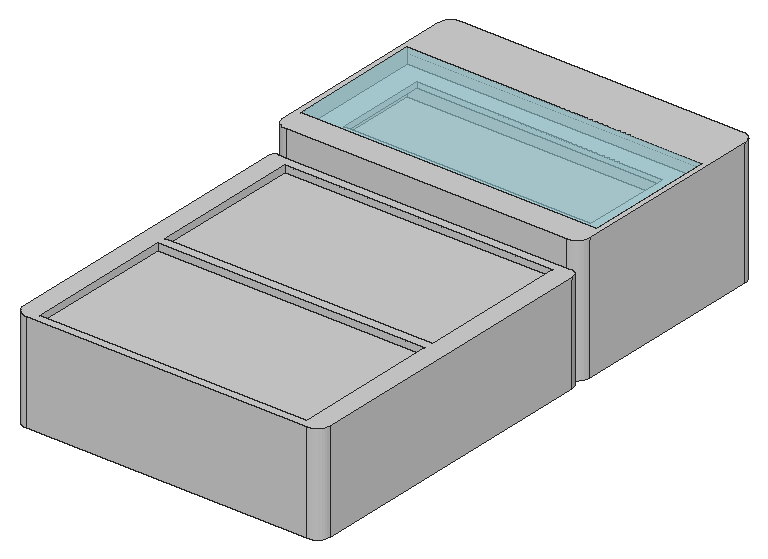
Revit family "Building-IEC309Boards-GEWISS-68QDIN-DISTRIBUTION-BOARD-10MOD_2SOCKET-OUTLETS_IB_ORIZ", category Apparecchi elettrici, host Superficie, Revit 2019
Family settings
  Host = Superficie
  Mantenere orientamento annotazione = Sì
  Quota connettore circolare = Usa diametro
  Tipo di parte = Normale
  Taglio con vuoti quando caricato = No
  Condiviso = No
  Punto di calcolo locali = Sì
Parameters (values of type "GW68019N - Q-DIN 10M 2 FLANGES S.O.BL.HOR.SBF IP65")
  visibilita posizionamento 2d [instance] = yes
  simbolo 2d [instance] = yes
  oggetto in pianta [instance] = not(visibilita posizionamento 2d)  # no
  distanza_simbolo [instance] = 0.1 mm
  bordo acceso [instance] = yes
  Working temperature = "-25 ÷ +40 °C"
  Visibilità sportello [instance] = yes
  Version type = "Empty"
  Version file RFA = "21.5"
  VETRO = Vetro
  URL = "https://www.gewiss.com/ww/en"
  Thermo-pressure with ball = "70 °C"
  Technical sheet = "https://www.gewiss.com/ww/en/search?q=GW68019N"
  Spostamento_effettivo_S [instance] = 4000 mm - Spostamento_S  # 3000 mm
  Spostamento_S = 1000 mm
  Simbolo_quadro [instance] = not(simbolo 2d)  # no
  Shock resistance = "IK08"
  STRUTTURA ALTA = Poche
  STRUTTURA = RAL - 7035
  SEO = "Board"
  Realized by GEWISS S.p.A. = ""
  Default Elevation = 1219.2 mm
  Produttore = "GEWISS S.p.A."
  PRESA = rosso
  POMELLO = bianco
  Operating temperature: = "-25 +40 °C"
  No. of provided blank lids = "1 IB 16/32A"
  No. of modules EN 50022 = "10"
  No. of blank lids supplied = "1 IB 16/32A"
  No. IB socket-outlets houseable = "2 IB Horiz. 16/32A SBF IP44 overlapping"
  N_Moduli = 10 mm
  Modello = "GW68019N"
  L_Moduli = N_Moduli * 19  # 190 mm
  Insulation class = "II"
  Installation type = "Surface-mounting"
  Immagine tipo = GW68019N.jpg
  IP degree = "IP65"
  IDT = "114d2dfb-0707-4ed9-bd87-27b65067bb37"
  IDF = "4cd11a54-188d-4bdf-afd2-27dfb55b6279"
  Houseable socket = "2 IB Horiz. 16/32A SBF IP44 overlapping"
  Houseable interloc. socket. = "2 IB Horiz. 16/32A SBF IP44 overlapping"
  Glow Wire Test = "650°C"
  For socket-outlets = "SBF horizontal"
  Electrocod = "2242"
  EAN code = "8011564744875"
  Dispersible power B (W) = "42"
  Dispersible power A (W) = "16"
  Descrizione = "Q-DIN 10M 2 FLANGES S.O.BL.HOR.SBF IP65"
  Colour = "Grey RAL 7035"
  Catalogue Range = "68 QDIN"
  Catalogue = "BUILDING"
  COBie.Tagnumber = ""
  COBie.CreatedOn = ""
  COBie.CreatebBy = ""
  COBie.ComponentRegisterItemID = ""
  COBie.Component.TagNumber = ""
  COBie.Component.Space = ""
  COBie.Component.SerialNumber = ""
  COBie.Component.InstallationDate = ""
  COBie.Component.Description = ""
  COBie.Component.BarCode = ""
  Accordance with Standards = "EN 60208 - EN 60670-1 - IEC 60670-24"
Reference planes
  plane 1 "Centro (Fronte/Retro)": y = 0
  plane 2: z = 0
  plane 3 "Centro (Sinistra/Destra)": x = 0
  plane 4: x = -3000
  plane 5: x = 0
Forms (mm)
  Extrusion 1, solid, material "RAL - 7035" <- "STRUTTURA", detail levels coarse
    sketch origin (0, 0, 0) x (0, 1, 0) y (0, 0, 1)
      loop
        line (0, 96) -> (0, 0) -> (429, 0) -> (429, 96) -> (0, 96)
    from -117.5 to 117.5
Lines and regions (mm)
  Masking region 1, visible <- "visibilita posizionamento 2d"
    outline origin (0, 0, 0) x (1, 0, 0) y (0, 0, 1)
      loop
        line (-117.5, 0) -> (117.5, 0) -> (117.5, 96) -> (-117.5, 96) -> (-117.5, 0)
Dimensions and locks
  plane 4 to plane 3 "Centro (Sinistra/Destra)" = 3000 mm
  "Spostamento_effettivo_S": plane 4 to plane 5
  aligned and locked: plane 2 to host face
  aligned and locked: level to host face
  aligned and locked: nested 1 to plane 5
  aligned and locked: nested 3 to plane 5
  aligned and locked: Extrusion 1 sketch curve to nested 2
  aligned and locked: plane 1 "Centro (Fronte/Retro)" to nested 2
  aligned and locked: nested 2 to plane 5
  aligned and locked: Extrusion 1 to nested 2  (x2)
  aligned and locked: Masking region 1 to nested 2  (x2)
Automatic sketch dimensions
  host sketch curve to host sketch curve = 2438.4 mm  (x2)
  Extrusion 1 sketch curve to level = 0 mm
  Extrusion 1 sketch curve to plane 1 "Centro (Fronte/Retro)" = 0 mm
  Extrusion 1 sketch curve to plane 1 "Centro (Fronte/Retro)" = 429 mm
  Masking region 1 sketch curve to level = 0 mm
  Masking region 1 sketch curve to plane 3 "Centro (Sinistra/Destra)" = 117.5 mm
  plane 3 "Centro (Sinistra/Destra)" to Masking region 1 sketch curve = 117.5 mm
  Masking region 1 sketch curve to Masking region 1 sketch curve = 96 mm
Nested families
  nested 1: "CENTRALINO" at (0, 737.795, 0), BORDO ACCESO <- "bordo acceso", SIMBOLO ACCESO <- "simbolo 2d", Distanza dal muro <- "distanza_simbolo", visible <- "simbolo 2d", type "CENTRALINO"
    with SIMBOLO ACCESO yes, Distanza dal muro 0.1 mm, BORDO ACCESO yes
  nested 2: "base__68QDIN10 QUADRO DISTRIBUZ X 2 PRESE IND ORIZ" at (0, 249, 0), type "base__68QDIN10 QUADRO DISTRIBUZ X 2 PRESE IND ORIZ", detail levels medium+fine
  nested 3: "simb_CENTRALINO_BASE_cad pro" at (0, 737.795, 0), Distanza dal muro <- "distanza_simbolo", visible <- "Simbolo_quadro", SIMBOLO ACCESO <- "Simbolo_quadro", type "simb_CENTRALINO_BASE_cad pro"
    with SIMBOLO ACCESO no, Distanza dal muro 0.1 mm, BORDO ACCESO yes
Definition of nested family "base__68QDIN10 QUADRO DISTRIBUZ X 2 PRESE IND ORIZ"
  Parameters (values of type "base__68QDIN10 QUADRO DISTRIBUZ X 2 PRESE IND ORIZ")
    n_moduli = 105 mm
    h_moduli = 70 mm
    Vetro = none
    Struttura = none
    Spessore = 96 mm
    Default Elevation = 14 mm
    Presa = none
    Larghezza = 235 mm
    IFC.TypeObject = ""
    IFC.ExportType = ""
    IFC.ExportAs = ""
    H_da terra = 589.057 mm
    COBie.CreatedOn = ""
    COBie.CreatebBy = ""
    COBie.ComponentRegisterItemID = ""
    COBie.Component.TagNumber = ""
    COBie.Component.Space = ""
    COBie.Component.SerialNumber = ""
    COBie.Component.InstallationDate = ""
    COBie.Component.Description = ""
    COBie.Component.BarCode = ""
    Altezza scatole = 350 mm
    Altezza quadro = 150 mm
    Altezza = 258 mm
  Reference planes
    plane 1 "Centro (Fronte/Retro)": y = 0
    plane 2: z = 0
    plane 3 "Centro (Sinistra/Destra)": x = 0
    plane 4: z = 62.089
    plane 5: z = 103.126
    plane 6: z = 76.196
    plane 7: x = -117.5
    plane 8: x = 117.5
    plane 9: x = -113.5
    plane 10: x = 113.5
    plane 11: y = 123.21
    plane 12: y = 21.246
    plane 13: y = 0
    plane 14: y = -129.5
    plane 15: y = -242.621
    plane 16: y = -122.3
    plane 17: y = -7.3
    plane 18: y = -249
    plane 19: y = 168
    plane 20: z = 71.196
    plane 21: y = 109
    plane 22: y = 39
    plane 23: x = -52.5
    plane 24: x = 52.5
    plane 25: z = 92.059
    plane 26: z = 96
    plane 27 "posizionamento moduli": z = 84.734
    plane 28: z = 80.558
    plane 29: y = 74
  Forms (mm)
    Extrusion 1, solid, material <- "Struttura"
      sketch origin (0, -857.311, 0) x (1, 0, 0) y (0, 1, 0)
        loop
          arc (-107.5, 1025.311) -> (-114.571, 1022.382) -> (-117.5, 1015.311) r 10
          line (-117.5, 1015.311) -> (-117.5, 867.311)
          arc (-117.5, 867.311) -> (-114.571, 860.24) -> (-107.5, 857.311) r 10
          line (-107.5, 857.311) -> (107.5, 857.311)
          arc (107.5, 857.311) -> (114.571, 860.24) -> (117.5, 867.311) r 10
          line (117.5, 867.311) -> (117.5, 1015.311)
          arc (117.5, 1015.311) -> (114.571, 1022.382) -> (107.5, 1025.311) r 10
          line (107.5, 1025.311) -> (-107.5, 1025.311)
      from 0 to 96
    Extrusion 2, solid, material <- "Struttura"
      sketch origin (0, -857.311, 0) x (1, 0, 0) y (0, 1, 0)
        loop
          line (109.95, 857.311) -> (-113.88, 857.311)
          arc (-113.88, 857.311) -> (-116.44, 856.251) -> (-117.5, 853.691) r 3.62
          line (-117.5, 853.691) -> (-117.5, 618.311)
          arc (-117.5, 618.311) -> (-114.571, 611.24) -> (-107.5, 608.311) r 10
          line (-107.5, 608.311) -> (107.5, 608.311)
          arc (107.5, 608.311) -> (114.571, 611.24) -> (117.5, 618.311) r 10
          line (117.5, 618.311) -> (117.5, 849.76)
          arc (117.5, 849.76) -> (115.289, 855.099) -> (109.95, 857.311) r 7.55
      from 0 to 76.196
    Extrusion 3, void
      sketch origin (0, -857.311, 0) x (1, 0, 0) y (0, 1, 0)
        loop
          line (-113.5, 980.52) -> (-113.5, 878.557) -> (113.5, 878.557) -> (113.5, 980.52) -> (-113.5, 980.52)
      from 62.089 to 96
    Extrusion 4, solid, material <- "Vetro", detail levels fine
      sketch origin (0, -857.311, 0) x (1, 0, 0) y (0, 1, 0)
        loop
          line (-113.5, 980.52) -> (-113.5, 878.557) -> (113.5, 878.557) -> (113.5, 980.52) -> (-113.5, 980.52)
      from 92.059 to 96
    Extrusion 5, void
      sketch origin (0, -857.311, 0) x (1, 0, 0) y (0, 1, 0)
        loop
          line (-102.506, 850.011) -> (-102.506, 735.011) -> (102.506, 735.011) -> (102.506, 850.011) -> (-102.506, 850.011)
      from 71.196 to 76.196
    Extrusion 6, void
      sketch origin (0, -992.311, 0) x (1, 0, 0) y (0, 1, 0)
        loop
          line (-102.506, 862.811) -> (-102.506, 749.689) -> (102.506, 749.689) -> (102.506, 862.811) -> (-102.506, 862.811)
      from 71.196 to 76.196
    Extrusion 7, void
      sketch origin (0, 0, 0) x (1, 0, 0) y (0, 1, 0)
        loop
          line (-52.5, 39) -> (52.5, 39) -> (52.5, 109) -> (-52.5, 109) -> (-52.5, 39)
      from 80.558 to 84.734
    Extrusion 8, solid
      sketch origin (0, 0, 0) x (1, 0, 0) y (0, 1, 0)
        loop
          line (-113.5, 123.21) -> (-113.5, 21.246) -> (113.5, 21.246) -> (113.5, 123.21) -> (-113.5, 123.21)
      from 80.558 to 84.734
  Cuts and joins
    Extrusion 3 cuts Extrusion 1
    Extrusion 5, Extrusion 6 cuts Extrusion 2
    Extrusion 7 cuts Extrusion 8
    Extrusion 7 cuts Extrusion 4
  Lines and regions (mm)
    model lines
      curve 1: line (-52.5, 74, 84.734) -> (52.5, 74, 84.734)
  Dimensions and locks
    locked: plane 4 to plane 5 at 41.036
    locked: plane 7 to plane 9 at 4
    locked: plane 10 to plane 8 at 4
    equal spacing: plane 7, plane 3 "Centro (Sinistra/Destra)", plane 8
    "Larghezza": plane 7 to plane 8
    locked: plane 13 to plane 17 at 7.3
    locked: plane 16 to plane 14 at 7.2
    plane 1 "Centro (Fronte/Retro)" to plane 19 = 168 mm
    plane 18 to plane 13 = 249 mm
    plane 12 to plane 1 "Centro (Fronte/Retro)" = 21.246 mm
    plane 11 to plane 19 = 44.79 mm
    locked: plane 6 to plane 20 at 5
    locked: plane 19 to plane 21 at 59
    "h_moduli": plane 21 to plane 22
    equal spacing: plane 23, plane 3 "Centro (Sinistra/Destra)", plane 24
    "n_moduli": plane 23 to plane 24
    locked: plane 26 to plane 25 at 3.941
    plane 6 to plane 2 = 76.196 mm
    locked: plane 25 to plane 27 "posizionamento moduli" at 7.325
    locked: plane 27 "posizionamento moduli" to plane 28 at 4.176
    equal spacing: plane 21, plane 29, plane 22
    plane 17 to plane 16 = 115 mm
    plane 14 to plane 15 = 113.121 mm
    radius of Extrusion 2 sketch curve = 10 mm  (x2)
    radius of Extrusion 2 sketch curve = 3.62 mm
    radius of Extrusion 2 sketch curve = 7.55 mm
    radius of Extrusion 1 sketch curve = 10 mm  (x4)
    aligned and locked: level to plane 2
    aligned and locked: cut or joined group of Extrusion 1, Extrusion 3 to plane 4  (x2)
    aligned and locked: Extrusion 2 to plane 6
    aligned and locked: plane 7 to Extrusion 2 sketch curve
    aligned and locked: plane 8 to Extrusion 2 sketch curve
    aligned and locked: plane 8 to Extrusion 1 sketch curve
    aligned and locked: plane 7 to Extrusion 1 sketch curve
    aligned and locked: Extrusion 4 sketch curve to plane 9
    aligned and locked: Extrusion 4 sketch curve to plane 10
    aligned and locked: Extrusion 3 sketch curve to plane 9
    aligned and locked: Extrusion 3 sketch curve to plane 10
    aligned and locked: Extrusion 4 sketch curve to plane 11
    aligned and locked: plane 12 to Extrusion 4 sketch curve
    aligned and locked: Extrusion 3 sketch curve to plane 11
    aligned and locked: plane 12 to Extrusion 3 sketch curve
    aligned and locked: plane 13 to Extrusion 1 sketch curve
    aligned and locked: Extrusion 2 sketch curve to plane 13
    aligned and locked: plane 18 to Extrusion 2 sketch curve
    aligned and locked: Extrusion 5 to plane 16
    aligned and locked: plane 17 to Extrusion 5
    aligned and locked: plane 1 "Centro (Fronte/Retro)" to plane 13
    aligned and locked: plane 19 to Extrusion 1 sketch curve
    aligned and locked: Extrusion 6 to plane 20
    aligned and locked: Extrusion 6 to plane 6
    aligned and locked: Extrusion 5 to plane 20
    aligned and locked: Extrusion 5 to plane 6
    aligned and locked: Extrusion 7 sketch curve to plane 23
    aligned and locked: Extrusion 7 sketch curve to plane 21
    aligned and locked: Extrusion 7 sketch curve to plane 22
    aligned and locked: Extrusion 7 sketch curve to plane 24
    aligned and locked: plane 26 to cut or joined group of Extrusion 1, Extrusion 3
    aligned and locked: plane 27 "posizionamento moduli" to Extrusion 7
    aligned and locked: Extrusion 7 to plane 28
    aligned and locked: Extrusion 8 sketch curve to plane 11
    aligned and locked: Extrusion 8 sketch curve to plane 12
    aligned and locked: Extrusion 8 to plane 28
    aligned and locked: plane 27 "posizionamento moduli" to Extrusion 8
    aligned and locked: Extrusion 8 sketch curve to Extrusion 4  (x2)
    aligned and locked: plane 29 to curve 1
    aligned and locked: plane 14 to Extrusion 6
    aligned and locked: plane 15 to cut or joined group of Extrusion 2, Extrusion 5, Extrusion 6  (x2)
  Automatic sketch dimensions
    Extrusion 5 sketch curve to plane 9 = 10.994 mm
    plane 10 to Extrusion 5 sketch curve = 10.994 mm
    plane 1 "Centro (Fronte/Retro)" to Extrusion 5 sketch curve = 122.3 mm
    plane 1 "Centro (Fronte/Retro)" to Extrusion 5 sketch curve = 7.3 mm
    Extrusion 6 sketch curve to plane 9 = 10.994 mm
    plane 10 to Extrusion 6 sketch curve = 10.994 mm
    plane 1 "Centro (Fronte/Retro)" to Extrusion 6 sketch curve = 242.621 mm
    Extrusion 6 sketch curve to Extrusion 6 sketch curve = 113.121 mm
    curve 1 to plane 24 = 0 mm
    curve 1 to plane 23 = 0 mm
Definition of nested family "CENTRALINO"
  Parameters (values of type "CENTRALINO")
    SIMBOLO ACCESO [instance] = yes
    Distanza dal muro [instance] = 0 mm
    BORDO ACCESO [instance] = yes
  Reference planes
    plane 1: y = 0
    plane 2: x = 0
  Dimensions and locks
    "Distanza dal muro": plane 1 to nested 1
    aligned and locked: plane 2 to nested 1
  Nested families
    nested 1: "CENTRALINO_BASE" at (0, 0, 0), BORDO ACCESO <- "BORDO ACCESO", visible <- "SIMBOLO ACCESO", type "CENTRALINO"
      with BORDO ACCESO yes
  Definition of nested family "CENTRALINO_BASE"
    Parameters (values of type "CENTRALINO")
      Distanza dal muro = 0 mm
      BORDO ACCESO [instance] = yes
    Reference planes
      plane 1: y = 0
      plane 2: x = 0
    Lines and regions (mm)
      detail lines, visible <- "BORDO ACCESO", not visible
        curve 1: line (-2.443, 10.208, 0) -> (2.057, 10.208, 0)
        curve 2: line (2.057, 10.208, 0) -> (2.057, 4.208, 0)
        curve 3: line (2.057, 4.208, 0) -> (-2.443, 4.208, 0)
        curve 4: line (-2.443, 4.208, 0) -> (-2.443, 10.208, 0)
        curve 5: line (-2.043, 9.808, 0) -> (1.657, 9.808, 0)
        curve 6: line (1.657, 9.808, 0) -> (1.657, 4.608, 0)
        curve 7: line (1.657, 4.608, 0) -> (-2.043, 4.608, 0)
        curve 8: line (-2.043, 4.608, 0) -> (-2.043, 9.808, 0)
      detail lines
        curve 9: line (0, 0.671, 0) -> (0, 0, 0)
        curve 10: line (0.659, 0.671, 0) -> (0.659, 1.33, 0)
        curve 11: line (0.659, 1.33, 0) -> (-0.659, 1.33, 0)
        curve 12: line (-0.659, 1.33, 0) -> (-0.659, 0.671, 0)
        curve 13: line (-0.659, 0.671, 0) -> (0.659, 0.671, 0)
        curve 14: line (0.497, 1.33, 0) -> (0.497, 2, 0)
        curve 15: line (0.167, 1.33, 0) -> (0.167, 2, 0)
        curve 16: line (-0.162, 1.33, 0) -> (-0.162, 2, 0)
        curve 17: line (-0.491, 1.33, 0) -> (-0.491, 2, 0)
Definition of nested family "simb_CENTRALINO_BASE_cad pro"
  Parameters (values of type "simb_CENTRALINO_BASE_cad pro")
    SIMBOLO ACCESO [instance] = yes
    Distanza dal muro [instance] = 0 mm
    BORDO ACCESO [instance] = yes
  Reference planes
    plane 1: y = 0
    plane 2: x = 0
  Dimensions and locks
    "Distanza dal muro": plane 1 to nested 1
    aligned and locked: plane 2 to nested 1
  Nested families
    nested 1: "CENTRALINO_BASE_cad pro" at (0, 0, 0), type "CENTRALINO"
  Definition of nested family "CENTRALINO_BASE_cad pro"
    Parameters (values of type "CENTRALINO")
      Distanza dal muro = 0 mm
    Reference planes
      plane 1: y = 0
      plane 2: x = 0
    Lines and regions (mm)
      detail lines
        curve 1: line (1.33, 1.33, 0) -> (2.109, 1.33, 0)
        curve 2: line (2.109, 1.33, 0) -> (2.109, 0, 0)
        curve 3: line (2.109, 0, 0) -> (1.33, 0, 0)
        curve 4: line (1.33, 0, 0) -> (-1.33, 1.33, 0)
        curve 5: line (-1.33, 1.33, 0) -> (1.33, 1.33, 0)
        curve 6: line (1.33, 1.33, 0) -> (1.33, 0, 0)
        curve 7: line (1.33, 0, 0) -> (-1.33, 0, 0)
        curve 8: line (-1.33, 0, 0) -> (-1.33, 1.33, 0)
        curve 9: line (1.461, 0.665, 0) -> (1.977, 0.665, 0)
        curve 10: line (1.719, 0.665, 0) -> (1.719, 1.01, 0)
        curve 11: arc (1.977, 0.406, 0) -> (1.719, 0.665, 0) -> (1.461, 0.406, 0) r 0.258
